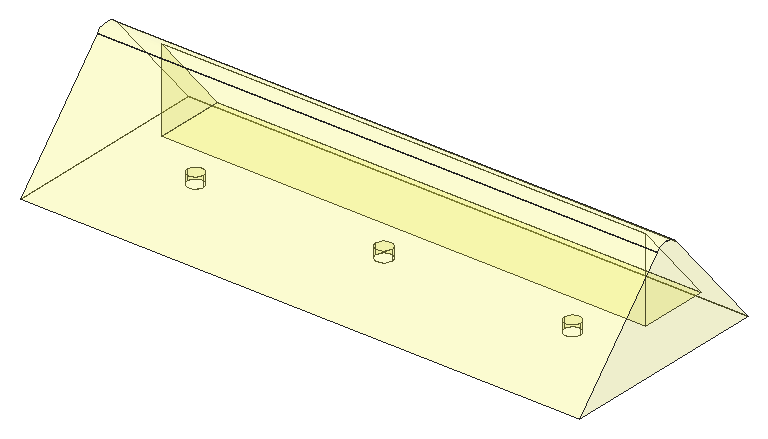
Revit family "Resan Shelf", category Furniture, host Face, Revit 2014
Parameters (values of type "326144 Resan Shelf - Polished Gloss Finish")
  YouTube Link = "https://youtu.be/DNXa3TdmP5I"
  Warranty Type = "5 Years"
  Warranty = "Parts"
  URL = "www.thomasdudley.co.uk"
  Type = "Shelf"
  Spares = "http://spares.thomasdudley.co.uk/"
  Shipping Weight = "8.5KG"
  Shape = "Triangular"
  Servicing = "Refer to instructions"
  Region Of Use = "All"
  Reference Standard = ""
  Publish Date = "11/02/2016"
  Product Range = "Resan"
  Product Literature = "http://www.dudleyresan.co.uk/files/brochures/Dudley-Resan-Accessories.pdf"
  Product Instructions = "http://www.thomasdudley.co.uk/bathroom-en/installers-and-contractors/instructions.html"
  Product Code = "PRESSH326144"
  Overall Width = 520 mm  # constant formula
  Overall Length = 106.1 mm  # constant formula
  Overall Height = 195 mm  # constant formula
  Optional Peripherals = "Resan Mirror"
  Model = "Resan Anto-Ligature Shelf"
  Material Finishes = Polished Gloss White
  Material = "Polyester Resin"
  Manufacturer Country = "United Kingdom"
  Manufacturer = "Thomas Dudley Ltd"
  Mandatory Requirements = ""
  Maintenance Instructions = ""
  Issue = "1"
  Installation Type = "Wall"
  IFC Classification = ""
  Gross Weight = "7.6KG"
  Features = "Anti-Vandal"
  EAN Number = "5013241059176"
  Description = "Shelf"
  Default Elevation = 1219.2 mm
  Coverage Area = "0.01m^3"
  Colour = "White"
  COBIe Type Category = ""
  BIM OBject Category = ""
  Anti-Vandal = yes
  Access Clearance Top = 0 mm
  Access Clearance Right = 0 mm
  Access Clearance Rear = 0 mm
  Access Clearance Left = 0 mm
  Access Clearance Front = 0 mm
  Access Clearance Bottom = 0 mm
Types (3, lengths in mm): name | Product Code | Material Finishes
  (no name) | "PRESSH326144" | Polished Gloss White
  326145 Resan Shelf - Matt Finish | "PRESSH326145" | Stonecast Matt White
  326144 Resan Shelf - Polished Gloss Finish | "PRESSH326144" | Polished Gloss White
Reference planes
  plane 1 "Center (Front/Back)": y = 0
  plane 2: z = 0
  plane 3 "Center (Left/Right)": x = 0
Forms (mm)
  Extrusion 1, solid, material "Polished Gloss White" <- "Material Finishes", detail levels medium+fine
    sketch origin (0, -2003.378, -75) x (0, 0, 1) y (0, 1, 0)
      loop
        line (75, 2078.079) -> (75, 1883.079) -> (174.278, 1972.469)
        arc (174.278, 1972.469) -> (179.238, 1983.878) -> (173.882, 1995.106) r 15
        line (173.882, 1995.106) -> (75, 2078.079)
    from -260 to 260
  Extrusion 2, void
    sketch origin (-125, -1120.299, 197.282) x (1, 0, 0) y (0, 0, -1)
      loop
        line (-100, 185.282) -> (-100, 87) -> (350, 87) -> (350, 185.282) -> (-100, 185.282)
    from 1120.299 to 1207.132
  Extrusion 3, void
    sketch origin (0, -1120.299, 0) x (1, 0, 0) y (0, 1, 0)
      loop
        circle (0, 1097.5) r 7.5
      loop
        circle (175, 1097.5) r 7.5
      loop
        circle (-175, 1097.5) r 7.5
    from 0 to 10
  Extrusion 4, solid, material "Polished Gloss White" <- "Material Finishes", detail levels coarse
    sketch origin (0, -1120.299, 0) x (0, 0, -1) y (0, 1, 0)
      loop
        line (0, 1000) -> (0, 1195) -> (-105, 1195) -> (-105, 1000) -> (0, 1000)
    from -260 to 260
Cuts and joins
  Extrusion 2, Extrusion 3 cuts Extrusion 1
Dimensions and locks
  Extrusion 2 sketch curve to Extrusion 2 sketch curve = 450 mm
  Extrusion 3 sketch curve to plane 3 "Center (Left/Right)" = 175 mm
  aligned and locked: plane 2 to host face
  aligned and locked: level to host face
  aligned and locked: Extrusion 4 to cut or joined group of Extrusion 1, Extrusion 2, Extrusion 3  (x2)
